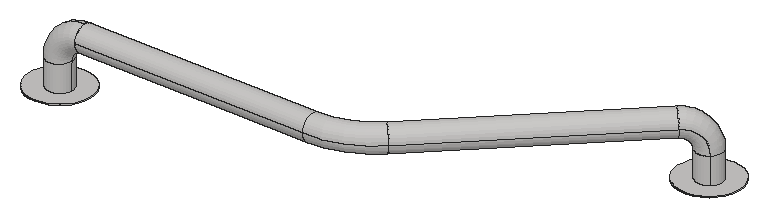
Revit family "PRD_FrankeWS_SpprtRls_GrabRail_CNTX700WA", category Furniture, host Face, Revit 2018
Family settings
  Host = Face
  OmniClass Number = 23.40.20.21
  OmniClass Title = Toilet and Bath Specialties
  Cut with Voids When Loaded = No
  Shared = No
  Room Calculation Point = No
Parameters (values of type "CNTX700WA")
  Width [instance] = OverallWidth - 78.00 mm  # 618.00 mm
  WarrantyStartDate [instance] = "1900-12-31T23:59:59"
  WarrantyGuarantorParts = "n/a"
  WarrantyGuarantorLabor = "n/a"
  WarrantyDurationUnit = "year"
  WarrantyDurationParts = "n/a"
  WarrantyDurationLabor = "n/a"
  WarrantyDescription = "n/a"
  Version = "1"
  Uniclass2015Version = "Products v1.10"
  Uniclass2015Title = "Support rails"
  Uniclass2015Code = "Pr_40_20_76_84"
  URL = "www.kwc.com"
  TypeOfMounting = "Wall mounting"
  TagNumber [instance] = "n/a"
  SustainabilityPerformance = "n/a"
  Style = "n/a"
  Size = "696x334x82mm"
  Shape = "n/a"
  SerialNumber [instance] = "n/a"
  Revision = "n/a"
  ReplacementCost = "n/a"
  ProductInformation = "https://pim.kwc.com/product/2030037502/attachment/datasheet?locale=en"
  PipeDiameter = 32.00 mm
  OverallWidth = 696.00 mm
  OverallHeight = 334.00 mm
  OverallDepth = 82.00 mm
  NominalWidth = OverallWidth  # 696.00 mm
  NominalHeight = OverallHeight  # 334.00 mm
  NominalDepth = OverallDepth  # 82.00 mm
  NetWeight = 0.99 kg
  Name = "Grab Rail CNTX700WA"
  NBSTypeID = "n/a"
  NBSReference = "45-35-72/360"
  NBSOfficeMasterTag = "n/a"
  NBSNote = "n/a"
  NBSDescription = "Support rails"
  NBSCertification = "n/a"
  ModelReference = "CNTX700WA"
  ModelNumber = "2030037502"
  Model = ModelReference  # "CNTX700WA"
  MaterialsBody = "Stainless steel 1.4301"
  MaterialThickness = 1.20 mm
  MaterialFinish = "Satin finished"
  Material = "Stainless steel"
  ManufacturerURL = "www.kwc.com"
  ManufacturerName = "KWC Group AG"  # constant formula
  Manufacturer = ManufacturerName  # "KWC Group AG"
  MainColor = "Stainless steel"
  InstallationDate [instance] = "1900-12-31T23:59:59"
  IfcExportType = "NOTDEFINED"
  IfcExportAs = "IfcFurnitureType"
  Height [instance] = OverallHeight - 78.00 mm  # 256.00 mm
  GrossWeight = 1.32 kg
  Grade = "n/a"
  GrabRailMaterial = PRD_AR_StainlessSteel_SatinFinished
  Finish = "Satin finished"
  Features = "stainless steel, 1.20 mm, satin finished, wall mounting"
  ExpectedLife = "n/a"
  DurationUnit = "year"
  Description = "Angle Grab Rail, 135° angle grab rail for wall mounting, stainless steel, surface satin finished, rough polishing for better surface feel,\r\n32 mm pipe diameter, material thickness 1.2 mm, wall distance 82 mm, with two stainless steel covers for hidden mounting, inclusive\r\nstainless steel screws and dowels."
  Default Elevation = 680.00 mm
  Depth [instance] = OverallDepth - (PipeDiameter / 2)  # 66.00 mm
  Constituents = "n/a"
  Color = "Stainless steel"
  CodePerformance = "n/a"
  Category = "Pr_40_20_76_84, Support rails"
  BarCode [instance] = "n/a"
  BIMObjectName = "PRD_AR_SpprtRls_GrabRail_CNTX700WA"
  Author = "Archispace"  # constant formula
  AssetType = "Fixed"
  AssetIdentifier [instance] = "n/a"
  AccessibilityPerformance = "n/a"
Reference planes
  plane 1 "Center (Front/Back)": y = 0
  plane 2: z = 0
  plane 3 "Center (Left/Right)": x = 0
  plane 4: x = -362
  plane 5: x = 256
  plane 6: y = 256
  plane 7: z = 66
Forms (mm)
  Sweep 1, solid, material "PRD_AR_StainlessSteel_SatinFinished" <- "GrabRailMaterial", detail levels medium+fine
    path origin (0, 970.266, 66) x (0, 1, 0) y (-1, 0, 0)
      loop
        line (-970.266, 330) -> (-970.266, 41.421)
        arc (-970.266, 41.421) -> (-962.654, 3.153) -> (-940.976, -29.289) r 100
        line (-940.976, -29.289) -> (-736.893, -233.373)
    profile origin (-185.711, 0, 66) x (0, 1, 0) y (0, 0, 1)
      loop
        circle (0, 0) r 16
  Sweep 2, solid, material "PRD_AR_StainlessSteel_SatinFinished" <- "GrabRailMaterial", detail levels medium+fine
    path origin (0, 0, 0) x (1, 0, 0) y (0, 0, 1)
      loop
        line (-362, 0) -> (-362, 34)
        arc (-362, 34) -> (-352.627, 56.627) -> (-330, 66) r 32
    profile origin (-362, 0, 17) x (-1, 0, 0) y (0, -1, 0)
      loop
        circle (0, 0) r 16
  Sweep 3, solid, material "PRD_AR_StainlessSteel_SatinFinished" <- "GrabRailMaterial", detail levels medium+fine
    path origin (0, 0, 66) x (0.707107, 0.707107, 0) y (0, 0, 1)
      loop
        arc (330.039, 0) -> (352.666, -9.373) -> (362.039, -32) r 32
        line (362.039, -32) -> (362.039, -66)
    profile origin (256, 256, 17) x (0.707107, -0.707107, 0) y (0.707107, 0.707107, 0)
      loop
        circle (0, 0) r 16
  Extrusion 4, solid, material "PRD_AR_StainlessSteel_SatinFinished" <- "GrabRailMaterial", detail levels fine
    sketch origin (0, 0, 66) x (0.707107, 0.707107, 0) y (-0.707107, 0.707107, 0)
      loop
        circle (-255.973, 255.973) r 39
      loop
        circle (362.039, 0) r 39
    from -66 to -64.8
  Extrusion 5, solid, material "PRD_AR_StainlessSteel_SatinFinished" <- "GrabRailMaterial", detail levels medium
    sketch origin (0, 0, 66) x (0.707107, 0.707107, 0) y (-0.707107, 0.707107, 0)
      loop
        line (-255.973, 200.818) -> (-200.818, 255.973) -> (-255.973, 311.127) -> (-311.127, 255.973) -> (-255.973, 200.818)
      loop
        line (306.884, 0) -> (362.039, -55.154) -> (417.193, 0) -> (362.039, 55.154) -> (306.884, 0)
    from -66 to -64.8
  Extrusion 6, solid, material "PRD_AR_StainlessSteel_SatinFinished" <- "GrabRailMaterial", detail levels coarse
    sketch origin (0, 0, 66) x (0.707107, 0.707107, 0) y (-0.707107, 0.707107, 0)
      loop
        line (-74.953, 436.992) -> (-255.973, 255.973) -> (181.019, -181.019) -> (362.039, 0) -> (-74.953, 436.992)
    from -66 to 0
Cuts and joins
  joined: Sweep 1, Sweep 2, Sweep 3
Lines and regions (mm)
  reference lines
    curve 1: line (-330, 0, 66) -> (0, 0, 66)
    curve 2: line (0, 0, 66) -> (256, 256, 66)
    curve 3: line (-362, 0, 66) -> (-362, 0, 0)
    curve 4: line (256, 256, 66) -> (256, 256, 0)
Dimensions and locks
  "Width": plane 4 to plane 5
  "Height": plane 1 "Center (Front/Back)" to plane 6
  "Height": plane 3 "Center (Left/Right)" to plane 5
  "Depth": plane 7 to level
  "PipeDiameter": plane 4 to curve 1
  "PipeDiameter": plane 4 to Sweep 1 sketch curve
  "PipeDiameter": curve 4 to Sweep 1 sketch curve
  locked: Extrusion 5 sketch curve to plane 4 at 39
  locked: plane 4 to Extrusion 5 sketch curve at 39
  locked: plane 1 "Center (Front/Back)" to Extrusion 5 sketch curve at 39
  locked: Extrusion 5 sketch curve to plane 1 "Center (Front/Back)" at 39
  locked: Extrusion 5 sketch curve to plane 5 at 39
  locked: plane 5 to Extrusion 5 sketch curve at 39
  locked: Extrusion 5 sketch curve to plane 6 at 39
  locked: plane 6 to Extrusion 5 sketch curve at 39
  locked: Extrusion 5 to Extrusion 4 at 1.2
  "PipeDiameter": diameter of Sweep 1 sketch curve
  "PipeDiameter": radius of Sweep 2 sketch curve
  "PipeDiameter": diameter of Sweep 2 sketch curve
  "PipeDiameter": radius of Sweep 3 sketch curve
  "PipeDiameter": diameter of Sweep 3 sketch curve
  locked: curve 2 to curve 1 (angle 135.00°)
  aligned and locked: plane 2 to host face
  aligned and locked: level to host face
  aligned and locked: plane 6 to curve 2
  aligned and locked: plane 5 to curve 2
  aligned and locked: plane 1 "Center (Front/Back)" to curve 1
  aligned and locked: level to curve 3
  aligned and locked: plane 7 to curve 1
  aligned and locked: plane 7 to curve 4
  aligned and locked: level to curve 4
  aligned and locked: curve 1 to Sweep 1 sketch curve
  aligned and locked: curve 2 to Sweep 1 sketch curve
  aligned and locked: plane 7 to Sweep 1 sketch curve
  aligned and locked: level to Sweep 2 sketch curve
  aligned and locked: plane 4 to Sweep 2 sketch curve
  aligned and locked: plane 1 "Center (Front/Back)" to Sweep 2 sketch curve
  aligned and locked: level to Sweep 3 sketch curve
  aligned and locked: Extrusion 4 to level
  aligned and locked: plane 4 to Extrusion 4 sketch curve
  aligned and locked: plane 1 "Center (Front/Back)" to Extrusion 4 sketch curve
  aligned and locked: plane 6 to Extrusion 4 sketch curve
  aligned and locked: plane 5 to Extrusion 4 sketch curve
  aligned and locked: Extrusion 5 to level
  aligned and locked: Extrusion 5 to Extrusion 4
  aligned and locked: Extrusion 6 sketch curve to plane 6
  aligned and locked: plane 4 to Extrusion 6 sketch curve
  aligned and locked: Extrusion 6 sketch curve to plane 1 "Center (Front/Back)"
  aligned and locked: Extrusion 6 sketch curve to plane 5
  aligned and locked: Extrusion 6 to level
  aligned and locked: plane 7 to Extrusion 6
Automatic sketch dimensions
  host sketch curve to host sketch curve = 2438.40 mm  (x2)
  curve 3 to plane 1 "Center (Front/Back)" = 0.00 mm
  curve 3 to plane 7 = 0.00 mm
  curve 4 to plane 5 = 0.00 mm
  Sweep 1 sketch curve to plane 1 "Center (Front/Back)" = 29.289 mm
  Sweep 1 sketch curve to plane 3 "Center (Left/Right)" = 41.421 mm
  Sweep 1 sketch curve to profile plane = 0.00 mm
  Sweep 2 sketch curve to plane 4 = 0.00 mm
  Sweep 2 sketch curve to plane 7 = 0.00 mm
  curve 2 to Sweep 3 sketch curve = 0.00 mm
  Sweep 3 sketch curve to curve 2 = 0.00 mm
  profile plane to Sweep 3 sketch curve = 0.00 mm  (x2)
  radius of Extrusion 4 sketch curve = 39.00 mm  (x2)
